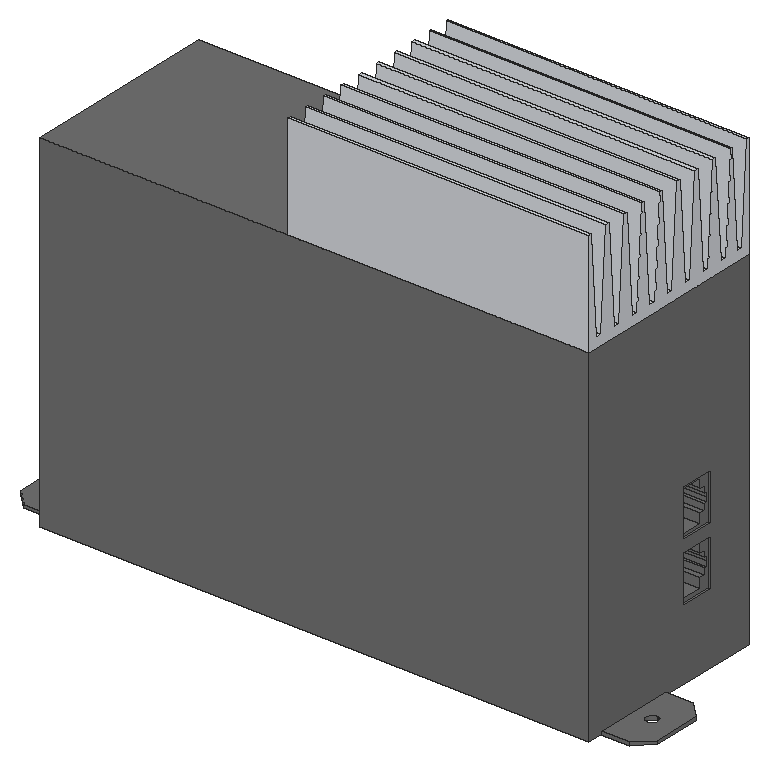
Revit family "БА50.12_RV17_LOD400 (05.11.23)", category Электрооборудование, Revit 2017
Family settings
  Конфигурация панели = Два столбца, слева направо
  Размер круглого соединителя = Использовать диаметр
  Тип детали = Щит
  На основе рабочей плоскости = Да
  Всегда вертикально = Нет
  При загрузке вырезать с полостями = Нет
  Общий = Нет
  Точка расчета площади = Нет
Parameters (values of type "БА50/12 Аудиоусилитель")
  Смещение_УГО_Y [instance] = 0 mm
  Смещение_УГО_X [instance] = 0 mm
  Режим работы = "круглосуточно"
  Раздел проекта [instance] = ""
  Раздел Спецификации [instance] = ""
  Default Elevation = 1219.2 mm
  Номинальный потребляемый ток, не более, А = 0.25 A
  Напряжение = "12"
  Мощность = "44"
  Коэффициент усиления по напряжению Au, дБ = 34
  Количество аудиоканалов, шт = 2
  Интерфейс связи = "10BaseT/100Base TX Ethernet"
  Долговременная выходная мощность, Вт = "2 х 22"
  Диапазон рабочих температур, °С = "от – 40 до + 50"
  Диапазон воспроизводимых частот, Гц = "20... 20000"
  В_Смещение_УГО_Y [instance] = Смещение_УГО_Y + 2000 mm  # 2000 mm
  В_Смещение_УГО_X [instance] = Смещение_УГО_X + 2000 mm  # 2000 mm
  d_короба = 20 mm
  ADSK_Размер_Длина = 201 mm
  ADSK_Размер_Глубина = 143 mm
  ADSK_Размер_Высота = 63 mm
  ADSK_Примечание = ""
  ADSK_Наименование = "Аудиоусилитель БА50/12"
  ADSK_Масса = 1.2
  ADSK_Марка = "СТВФ.426471.105"
  ADSK_Количество = 1
  ADSK_Завод-изготовитель = "ООО «Основа Безопасности»"  # constant formula
  ADSK_Единица измерения = "шт."  # constant formula
  ADSK_URL страницы изделия = "https://stilsoft.ru/products/audiousilitel_ba50_12"
  ADSK_URL документации изделия = ""
Reference planes
  plane 1 "По центру (Вперед/Назад)": y = 0
  plane 2: z = 0
  plane 3 "По центру (Влево/Вправо)": x = 0
  plane 4: y = 2000
  plane 5: x = -2000
  plane 6: x = 0
  plane 7: y = 0
  plane 8: x = 100.5
  plane 9: x = -100.5
  plane 10: x = -86.5
  plane 11 "1": x = 86.5
  plane 12: z = 143
  plane 13: y = 31.5
  plane 14: y = -31.5
Forms (mm)
  Extrusion 1, solid, material "корпус", detail levels medium+fine
    sketch origin (0, 31.5, 0) x (0, -1, 0) y (1, 0, 0)
      loop
        line (63, -86.5) -> (63, 86.5) -> (0, 86.5) -> (0, -86.5) -> (63, -86.5)
    from 0 to 110
  Extrusion 2, solid, detail levels medium+fine
    sketch origin (0, 31.5, 0) x (0, -1, 0) y (1, 0, 0)
      loop
        line (63, -8.202) -> (63, 86.5) -> (0, 86.5) -> (0, -8.202) -> (63, -8.202)
    from 110 to 143
  Extrusion 3, solid, material "корпус", detail levels medium+fine
    sketch origin (0, 31.5, 0) x (0, -1, 0) y (1, 0, 0)
      loop
        line (58, -86.5) -> (33, -86.5) -> (33, -95.5) -> (38, -100.5) -> (53, -100.5) -> (58, -95.5) -> (58, -86.5)
      loop
        circle (45.695, -92.729) r 1.863
    from 0 to 1
  Extrusion 4, solid, material "корпус", detail levels medium+fine
    sketch origin (0, 31.5, 0) x (0, 1, 0) y (-1, 0, 0)
      loop
        line (-58, -86.5) -> (-58, -95.5) -> (-53, -100.5) -> (-38, -100.5) -> (-33, -95.5) -> (-33, -86.5) -> (-58, -86.5)
      loop
        circle (-45.695, -92.729) r 1.863
    from 0 to 1
  Blend 5, void
    base sketch origin (0, 31.5, 0) x (0, -1, 0) y (1, 0, 0)
      loop
        line (62, -8.202) -> (62, 86.5) -> (56, 86.5) -> (56, -14.202) -> (62, -8.202)
    top sketch origin (0, 31.5, 0) x (0, -1, 0) y (1, 0, 0)
      loop
        line (60, 86.5) -> (58, 86.5) -> (58, -10.202) -> (60, -8.202) -> (60, 86.5)
    from 143 to 113
  Extrusion 6, void
    sketch origin (86.5, 31.5, 0) x (0, 0, -1) y (0, -1, 0)
      loop
        line (-22.158, 25.808) -> (-37.158, 25.808) -> (-37.158, 14.673) -> (-22.158, 14.673) -> (-22.158, 25.808)
    from 0 to 1
  Extrusion 7, void
    sketch origin (86.5, 31.5, -0.706) x (0, 0, -1) y (0, -1, 0)
      loop
        line (-41.419, 25.808) -> (-56.419, 25.808) -> (-56.419, 14.673) -> (-41.419, 14.673) -> (-41.419, 25.808)
    from 0 to 1
  Extrusion 8, void
    sketch origin (86.5, 31.5, 0) x (0, 0, -1) y (0, -1, 0)
      loop
        line (-23.207, 24.699) -> (-36.238, 24.699) -> (-36.238, 17.661) -> (-33.27, 17.661) -> (-33.27, 16.021) -> (-31.263, 16.021) -> (-31.263, 15.05) -> (-29.723, 15.05) -> (-28.182, 15.05) -> (-28.182, 16.021) -> (-26.175, 16.021) -> (-26.175, 17.661) -> (-23.207, 17.661) -> (-23.207, 24.699)
      loop
        line (-41.468, 24.699) -> (-54.499, 24.699) -> (-54.499, 17.661) -> (-51.531, 17.661) -> (-51.531, 16.021) -> (-49.524, 16.021) -> (-49.524, 15.05) -> (-47.984, 15.05) -> (-46.443, 15.05) -> (-46.443, 16.021) -> (-44.436, 16.021) -> (-44.436, 17.661) -> (-41.468, 17.661) -> (-41.468, 24.699)
    from 1 to 12
  Blend 9, void
    base sketch origin (0, 38.5, 0) x (0, -1, 0) y (1, 0, 0)
      loop
        line (62, -8.202) -> (62, 86.5) -> (56, 86.5) -> (56, -14.202) -> (62, -8.202)
    top sketch origin (0, 38.5, 0) x (0, -1, 0) y (1, 0, 0)
      loop
        line (60, 86.5) -> (58, 86.5) -> (58, -10.202) -> (60, -8.202) -> (60, 86.5)
    from 143 to 113
  Blend 10, void
    base sketch origin (0, 45.5, 0) x (0, -1, 0) y (1, 0, 0)
      loop
        line (62, -8.202) -> (62, 86.5) -> (56, 86.5) -> (56, -14.202) -> (62, -8.202)
    top sketch origin (0, 45.5, 0) x (0, -1, 0) y (1, 0, 0)
      loop
        line (60, 86.5) -> (58, 86.5) -> (58, -10.202) -> (60, -8.202) -> (60, 86.5)
    from 143 to 113
  Blend 11, void
    base sketch origin (0, 52.5, 0) x (0, -1, 0) y (1, 0, 0)
      loop
        line (62, -8.202) -> (62, 86.5) -> (56, 86.5) -> (56, -14.202) -> (62, -8.202)
    top sketch origin (0, 52.5, 0) x (0, -1, 0) y (1, 0, 0)
      loop
        line (60, 86.5) -> (58, 86.5) -> (58, -10.202) -> (60, -8.202) -> (60, 86.5)
    from 143 to 113
  Blend 12, void
    base sketch origin (0, 59.5, 0) x (0, -1, 0) y (1, 0, 0)
      loop
        line (62, -8.202) -> (62, 86.5) -> (56, 86.5) -> (56, -14.202) -> (62, -8.202)
    top sketch origin (0, 59.5, 0) x (0, -1, 0) y (1, 0, 0)
      loop
        line (60, 86.5) -> (58, 86.5) -> (58, -10.202) -> (60, -8.202) -> (60, 86.5)
    from 143 to 113
  Blend 13, void
    base sketch origin (0, 66.5, 0) x (0, -1, 0) y (1, 0, 0)
      loop
        line (62, -8.202) -> (62, 86.5) -> (56, 86.5) -> (56, -14.202) -> (62, -8.202)
    top sketch origin (0, 66.5, 0) x (0, -1, 0) y (1, 0, 0)
      loop
        line (60, 86.5) -> (58, 86.5) -> (58, -10.202) -> (60, -8.202) -> (60, 86.5)
    from 143 to 113
  Blend 14, void
    base sketch origin (0, 73.5, 0) x (0, -1, 0) y (1, 0, 0)
      loop
        line (62, -8.202) -> (62, 86.5) -> (56, 86.5) -> (56, -14.202) -> (62, -8.202)
    top sketch origin (0, 73.5, 0) x (0, -1, 0) y (1, 0, 0)
      loop
        line (60, 86.5) -> (58, 86.5) -> (58, -10.202) -> (60, -8.202) -> (60, 86.5)
    from 143 to 113
  Blend 15, void
    base sketch origin (0, 80.5, 0) x (0, -1, 0) y (1, 0, 0)
      loop
        line (62, -8.202) -> (62, 86.5) -> (56, 86.5) -> (56, -14.202) -> (62, -8.202)
    top sketch origin (0, 80.5, 0) x (0, -1, 0) y (1, 0, 0)
      loop
        line (60, 86.5) -> (58, 86.5) -> (58, -10.202) -> (60, -8.202) -> (60, 86.5)
    from 143 to 113
  Blend 16, void
    base sketch origin (0, 87, 0) x (0, -1, 0) y (1, 0, 0)
      loop
        line (62, -8.202) -> (62, 86.5) -> (56, 86.5) -> (56, -14.202) -> (62, -8.202)
    top sketch origin (0, 87, 0) x (0, -1, 0) y (1, 0, 0)
      loop
        line (60, 86.5) -> (58, 86.5) -> (58, -10.202) -> (60, -8.202) -> (60, 86.5)
    from 143 to 113
Cuts and joins
  Blend 5, Blend 9, Blend 10, Blend 11, Blend 12, Blend 13, Blend 14, Blend 15, Blend 16 cuts Extrusion 2
  Extrusion 6, Extrusion 7, Extrusion 8 cuts Extrusion 1
Dimensions and locks
  locked: plane 4 to plane 1 "По центру (Вперед/Назад)" at 2000
  locked: plane 5 to plane 3 "По центру (Влево/Вправо)" at 2000
  "В_Смещение_УГО_X": plane 5 to plane 6
  "В_Смещение_УГО_Y": plane 4 to plane 7
  "ADSK_Размер_Длина": plane 9 to plane 8
  "ADSK_Размер_Глубина": plane 12 to level
  "ADSK_Размер_Высота": plane 13 to plane 14
  aligned and locked: level to plane 2
  aligned and locked: Extrusion 3 to cut or joined group of Extrusion 1, Extrusion 6, Extrusion 7, Extrusion 8
  aligned and locked: Extrusion 4 to cut or joined group of Extrusion 2, Blend 5, Blend 9, Blend 10, Blend 11, Blend 12, Blend 13, Blend 14, Blend 15, Blend 16
  aligned and locked: cut or joined group of Extrusion 1, Extrusion 6, Extrusion 7, Extrusion 8 to cut or joined group of Extrusion 2, Blend 5, Blend 9, Blend 10, Blend 11, Blend 12, Blend 13, Blend 14, Blend 15, Blend 16
  aligned and locked: cut or joined group of Extrusion 2, Blend 5, Blend 9, Blend 10, Blend 11, Blend 12, Blend 13, Blend 14, Blend 15, Blend 16 to cut or joined group of Extrusion 1, Extrusion 6, Extrusion 7, Extrusion 8
  aligned and locked: cut or joined group of Extrusion 1, Extrusion 6, Extrusion 7, Extrusion 8 to cut or joined group of Extrusion 1, Extrusion 6, Extrusion 7, Extrusion 8  (x2)
Automatic sketch dimensions
  Extrusion 1 sketch curve to plane 10 = 0 mm
  Extrusion 1 sketch curve to plane 11 "1" = 0 mm
  Extrusion 1 sketch curve to plane 1 "По центру (Вперед/Назад)" = 31.5 mm
  plane 1 "По центру (Вперед/Назад)" to Extrusion 1 sketch curve = 31.5 mm
  Extrusion 2 sketch curve to plane 11 "1" = 0 mm
  Extrusion 2 sketch curve to plane 3 "По центру (Влево/Вправо)" = 8.202 mm
  Extrusion 2 sketch curve to plane 1 "По центру (Вперед/Назад)" = 31.5 mm
  plane 1 "По центру (Вперед/Назад)" to Extrusion 2 sketch curve = 31.5 mm
  Extrusion 3 sketch curve to plane 10 = 0 mm
  Extrusion 3 sketch curve to plane 9 = 0 mm
  plane 1 "По центру (Вперед/Назад)" to Extrusion 3 sketch curve = 1.5 mm
  plane 1 "По центру (Вперед/Назад)" to Extrusion 3 sketch curve = 6.5 mm
  Extrusion 3 sketch curve to Extrusion 3 sketch curve = 7.695 mm
  Extrusion 3 sketch curve to Extrusion 3 sketch curve = 7.305 mm
  Extrusion 3 sketch curve to Extrusion 3 sketch curve = 5 mm
  Extrusion 3 sketch curve to plane 9 = 5 mm  (x2)
  Extrusion 3 sketch curve to plane 10 = 6.229 mm
  Extrusion 4 sketch curve to plane 11 "1" = 0 mm
  Extrusion 4 sketch curve to plane 8 = 0 mm
  plane 1 "По центру (Вперед/Назад)" to Extrusion 4 sketch curve = 26.5 mm
  Extrusion 4 sketch curve to Extrusion 4 sketch curve = 5 mm
  Extrusion 4 sketch curve to Extrusion 4 sketch curve = 7.305 mm
  plane 1 "По центру (Вперед/Назад)" to Extrusion 4 sketch curve = 6.5 mm
  plane 1 "По центру (Вперед/Назад)" to Extrusion 4 sketch curve = 1.5 mm
  Extrusion 4 sketch curve to plane 8 = 5 mm  (x2)
  Extrusion 4 sketch curve to plane 11 "1" = 6.229 mm
  Blend 5 sketch curve to plane 11 "1" = 0 mm  (x2)
  plane 1 "По центру (Вперед/Назад)" to Blend 5 sketch curve = 24.5 mm
  Blend 5 sketch curve to Blend 5 sketch curve = 6 mm  (x2)
  Blend 5 sketch curve to plane 3 "По центру (Влево/Вправо)" = 8.202 mm  (x2)
  plane 1 "По центру (Вперед/Назад)" to Blend 5 sketch curve = 26.5 mm
  Blend 5 sketch curve to Blend 5 sketch curve = 2 mm  (x2)
  Extrusion 6 sketch curve to plane 1 "По центру (Вперед/Назад)" = 5.692 mm
  level to Extrusion 6 sketch curve = 37.158 mm
  Extrusion 6 sketch curve to Extrusion 6 sketch curve = 15 mm
  Extrusion 6 sketch curve to Extrusion 6 sketch curve = 11.135 mm
  Extrusion 7 sketch curve to plane 1 "По центру (Вперед/Назад)" = 5.692 mm
  level to Extrusion 7 sketch curve = 55.713 mm
  Extrusion 7 sketch curve to Extrusion 7 sketch curve = 15 mm
  Extrusion 7 sketch curve to Extrusion 7 sketch curve = 11.135 mm
  Extrusion 8 sketch curve to plane 1 "По центру (Вперед/Назад)" = 6.801 mm
  level to Extrusion 8 sketch curve = 54.499 mm
  Extrusion 8 sketch curve to Extrusion 8 sketch curve = 2.968 mm  (x4)
  Extrusion 8 sketch curve to Extrusion 8 sketch curve = 2.007 mm  (x4)
  Extrusion 8 sketch curve to Extrusion 8 sketch curve = 1.541 mm  (x4)
  Extrusion 8 sketch curve to Extrusion 8 sketch curve = 5.23 mm
  Extrusion 8 sketch curve to plane 1 "По центру (Вперед/Назад)" = 13.839 mm
  Extrusion 8 sketch curve to Extrusion 8 sketch curve = 7.039 mm
  Extrusion 8 sketch curve to Extrusion 8 sketch curve = 0 mm  (x3)
  Extrusion 8 sketch curve to Extrusion 8 sketch curve = 1.64 mm  (x4)
  Extrusion 8 sketch curve to Extrusion 8 sketch curve = 0.971 mm  (x2)
  Blend 9 sketch curve to plane 11 "1" = 0 mm  (x2)
  plane 1 "По центру (Вперед/Назад)" to Blend 9 sketch curve = 17.5 mm
  Blend 9 sketch curve to Blend 9 sketch curve = 6 mm  (x2)
  Blend 9 sketch curve to plane 3 "По центру (Влево/Вправо)" = 8.202 mm  (x2)
  plane 1 "По центру (Вперед/Назад)" to Blend 9 sketch curve = 19.5 mm
  Blend 9 sketch curve to Blend 9 sketch curve = 2 mm  (x2)
  Blend 10 sketch curve to plane 11 "1" = 0 mm  (x2)
  plane 1 "По центру (Вперед/Назад)" to Blend 10 sketch curve = 10.5 mm
  Blend 10 sketch curve to Blend 10 sketch curve = 6 mm  (x2)
  Blend 10 sketch curve to plane 3 "По центру (Влево/Вправо)" = 8.202 mm  (x2)
  plane 1 "По центру (Вперед/Назад)" to Blend 10 sketch curve = 12.5 mm
  Blend 10 sketch curve to Blend 10 sketch curve = 2 mm  (x2)
  Blend 11 sketch curve to plane 11 "1" = 0 mm  (x2)
  plane 1 "По центру (Вперед/Назад)" to Blend 11 sketch curve = 3.5 mm
  Blend 11 sketch curve to Blend 11 sketch curve = 6 mm  (x2)
  Blend 11 sketch curve to plane 3 "По центру (Влево/Вправо)" = 8.202 mm  (x2)
  plane 1 "По центру (Вперед/Назад)" to Blend 11 sketch curve = 5.5 mm
  Blend 11 sketch curve to Blend 11 sketch curve = 2 mm  (x2)
  Blend 12 sketch curve to plane 11 "1" = 0 mm  (x2)
  Blend 12 sketch curve to plane 1 "По центру (Вперед/Назад)" = 3.5 mm
  plane 1 "По центру (Вперед/Назад)" to Blend 12 sketch curve = 2.5 mm
  Blend 12 sketch curve to plane 3 "По центру (Влево/Вправо)" = 8.202 mm  (x2)
  Blend 12 sketch curve to Blend 12 sketch curve = 6 mm
  Blend 12 sketch curve to plane 1 "По центру (Вперед/Назад)" = 1.5 mm
  plane 1 "По центру (Вперед/Назад)" to Blend 12 sketch curve = 0.5 mm
  Blend 12 sketch curve to Blend 12 sketch curve = 2 mm
  Blend 13 sketch curve to plane 11 "1" = 0 mm  (x2)
  Blend 13 sketch curve to plane 1 "По центру (Вперед/Назад)" = 10.5 mm
  Blend 13 sketch curve to plane 1 "По центру (Вперед/Назад)" = 4.5 mm
  Blend 13 sketch curve to plane 3 "По центру (Влево/Вправо)" = 8.202 mm  (x2)
  Blend 13 sketch curve to Blend 13 sketch curve = 6 mm
  Blend 13 sketch curve to plane 1 "По центру (Вперед/Назад)" = 8.5 mm
  Blend 13 sketch curve to Blend 13 sketch curve = 2 mm  (x2)
  Blend 14 sketch curve to plane 11 "1" = 0 mm  (x2)
  Blend 14 sketch curve to plane 1 "По центру (Вперед/Назад)" = 17.5 mm
  Blend 14 sketch curve to Blend 14 sketch curve = 6 mm  (x2)
  Blend 14 sketch curve to plane 3 "По центру (Влево/Вправо)" = 8.202 mm  (x2)
  Blend 14 sketch curve to plane 1 "По центру (Вперед/Назад)" = 15.5 mm
  Blend 14 sketch curve to Blend 14 sketch curve = 2 mm  (x2)
  Blend 15 sketch curve to plane 11 "1" = 0 mm  (x2)
  Blend 15 sketch curve to plane 1 "По центру (Вперед/Назад)" = 24.5 mm
  Blend 15 sketch curve to Blend 15 sketch curve = 6 mm  (x2)
  Blend 15 sketch curve to plane 3 "По центру (Влево/Вправо)" = 8.202 mm  (x2)
  Blend 15 sketch curve to plane 1 "По центру (Вперед/Назад)" = 22.5 mm
  Blend 15 sketch curve to Blend 15 sketch curve = 2 mm  (x2)
  Blend 16 sketch curve to plane 11 "1" = 0 mm  (x2)
  Blend 16 sketch curve to plane 3 "По центру (Влево/Вправо)" = 14.202 mm
  Blend 16 sketch curve to plane 1 "По центру (Вперед/Назад)" = 31 mm
  Blend 16 sketch curve to Blend 16 sketch curve = 6 mm
  Blend 16 sketch curve to plane 3 "По центру (Влево/Вправо)" = 8.202 mm  (x2)
  Blend 16 sketch curve to plane 1 "По центру (Вперед/Назад)" = 29 mm
  Blend 16 sketch curve to Blend 16 sketch curve = 2 mm  (x2)
  radius of Extrusion 3 sketch curve = 1.863 mm
  radius of Extrusion 4 sketch curve = 1.863 mm
Connectors
  electrical at (74.5, 13.863, 47.984)
    settings: on cut or joined group of Extrusion 1, Extrusion 6, Extrusion 7, Extrusion 8, index 1, voltage 0 V, apparent load 0 VA, apparent load phase1 0 VA, apparent load phase2 0 VA, apparent load phase3 0 VA, power factor 1, load classification "Прочее", number of poles 1, system type 14, power factor state 1, is connector primary yes, connector utility no, sub classification motor no, connector description ""
  electrical at (74.5, 13.863, 29.723)
    settings: on cut or joined group of Extrusion 1, Extrusion 6, Extrusion 7, Extrusion 8, index 2, voltage 0 V, apparent load 0 VA, apparent load phase1 0 VA, apparent load phase2 0 VA, apparent load phase3 0 VA, power factor 1, load classification "Прочее", number of poles 1, system type 14, power factor state 1, is connector primary no, connector utility no, sub classification motor no, connector description ""
  cabletrayconduit at (74.5, 13.863, 47.984), diameter 20, driven by "d_короба"
    settings: on cut or joined group of Extrusion 1, Extrusion 6, Extrusion 7, Extrusion 8, index 3, connector width 300 mm, connector height 300 mm, connector angle 0.00°, system type 32, placement type 0, profile type 0, connector reference index -1, is primary connector yes, connector utility param no, connector description ""
  cabletrayconduit at (74.5, 13.863, 29.723), diameter 20, driven by "d_короба"
    settings: on cut or joined group of Extrusion 1, Extrusion 6, Extrusion 7, Extrusion 8, index 4, connector width 300 mm, connector height 300 mm, connector angle 0.00°, system type 32, placement type 0, profile type 0, connector reference index -1, is primary connector no, connector utility param no, connector description ""
